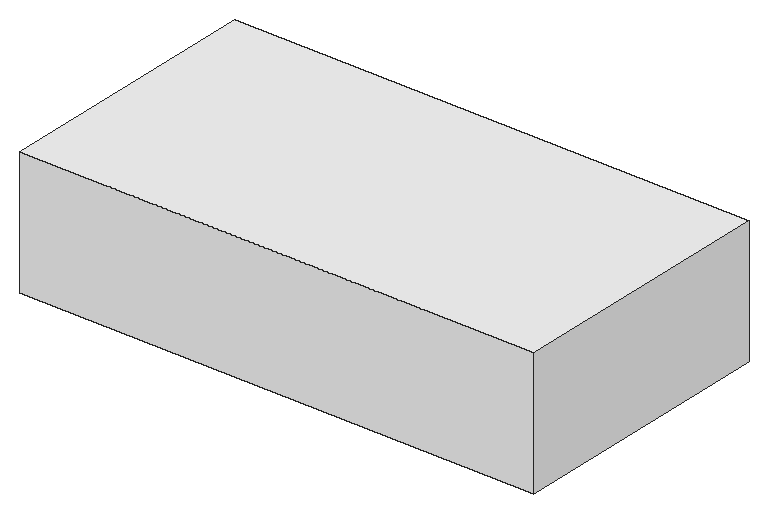
Revit family "T93026 Alu-K ER-AP LED_Tak", category Lighting Fixtures, Revit 2016
Family settings
  Part Type = Normal
  Round Connector Dimension = Use Diameter
  OmniClass Number = 23.80.70.11.21
  OmniClass Title = Emergency Lighting
  Work Plane-Based = No
  Always vertical = Yes
  Cut with Voids When Loaded = No
  Light Source = No
  Shared = No
  Room Calculation Point = No
Parameters (values of type "MarkeringsLys (Venstre)")
  Width = 10 mm
  Wattage Comments = "17 W"
  Voltage = 230 V
  URL = ""
  Type Comments = "-UN"
  Symbol Positive Direction [instance] = yes
  Symbol Offset Side [instance] = 0 mm
  Symbol Offset Out [instance] = 0 mm
  Reference Line Out [instance] = 50 mm
  NS8360 = "4431_WT2"
  Markeringslys normal = yes
  Markeringslys ikke normal = no
  MarkeringsLys Venstre = yes
  MarkeringsLys Opp = no
  MarkeringsLys Ned = no
  MarkeringsLys 45 Opp mot venstre = no
  MarkeringsLys Høyre = no
  MarkeringsLys 45 Opp mot høyre = no
  MarkeringsLys 45 Ned mot venstre = no
  MarkeringsLys 45 Ned mot høyre = no
  ML = yes
  Length 1 = Length - 20 mm  # 305 mm
  LedeLys = no
  Keynote = "WT2"
  Height 1 = Height - 20 mm  # 150 mm
  Height = 170 mm  # constant formula
  Length = 325 mm  # constant formula
  Number of Poles = 1
  Load Classification [instance] = Other
  Model = ""
  Manufacturer = "Honeywell"
  Lamp = "1"
  Description = ""
  Depth = 80 mm  # constant formula
  Body Material and Colour = White
  Assembly Code = "4431"
  Apparent Load = 17 VA
Types (9, lengths in mm): name | NS8360 | Markeringslys normal | Markeringslys ikke normal | MarkeringsLys Venstre | MarkeringsLys Opp | MarkeringsLys Ned | MarkeringsLys 45 Opp mot venstre | MarkeringsLys Høyre | MarkeringsLys 45 Opp mot høyre | MarkeringsLys 45 Ned mot venstre | MarkeringsLys 45 Ned mot høyre | ML | LedeLys | Assembly Code
  MarkeringsLys (Høyre) | "4431_WT2" | no | yes | no | no | no | no | yes | no | no | no | yes | no | "4431"
  MarkeringsLys (Venstre) | "4431_WT2" | yes | no | yes | no | no | no | no | no | no | no | yes | no | "4431"
  MarkeringsLys (45 Ned mot høyre) | "4431_WT2" | yes | no | no | no | no | no | no | no | no | yes | yes | no | "4431"
  MarkeringsLys (45 Ned mot venstre) | "4431_WT2" | no | yes | no | no | no | no | no | no | yes | no | yes | no | "4431"
  MarkeringsLys (45 Opp mot høyre) | "4431_WT2" | yes | no | no | no | no | no | no | yes | no | no | yes | no | "4431"
  MarkeringsLys (45 Opp mot venstre) | "4431_WT2" | no | yes | no | no | no | yes | no | no | no | no | yes | no | "4431"
  MarkeringsLys (Opp) | "4431_WT2" | yes | no | no | yes | no | no | no | no | no | no | yes | no | "4431"
  MarkeringsLys (Ned) | "4431_WT2" | yes | no | no | no | yes | no | no | no | no | no | yes | no | "4431"
  Ledelys | "4432_WT2" | yes | no | no | no | no | no | no | no | no | no | no | yes | "4432"
Reference planes
  plane 1 "Light Source Axis (F/B)": y = 119.961
  plane 2 "Top": z = 83
  plane 3 "Light Source Axis (L/R)": x = 0
  plane 4 "Level": z = 0
  plane 5: x = -152.5
  plane 6: x = 152.5
  plane 7: y = 34.961
  plane 8: x = -162.5
  plane 9: y = 204.961
  plane 10: x = 162.5
  plane 11: z = -78
  plane 12: z = -80
  plane 13: y = 194.961
  plane 14: y = 44.961
Forms (mm)
  Extrusion 1, solid, material "White" <- "Body Material and Colour"
    sketch origin (0, 0, 0) x (1, 0, 0) y (0, 1, 0)
      loop
        line (-162.5, 204.961) -> (-162.5, 34.961) -> (162.5, 34.961) -> (162.5, 204.961) -> (-162.5, 204.961)
    from -78 to 0
  Extrusion 2, solid, material "White" <- "Body Material and Colour"
    sketch origin (0, 0, 0) x (1, 0, 0) y (0, 1, 0)
      loop
        line (-162.5, 204.961) -> (-162.5, 34.961) -> (162.5, 34.961) -> (162.5, 204.961) -> (-162.5, 204.961)
      loop
        line (152.5, 194.961) -> (-152.5, 194.961) -> (-152.5, 44.961) -> (152.5, 44.961) -> (152.5, 194.961)
    from -80 to -78
Cuts and joins
  joined: Extrusion 1, Extrusion 2
Lines and regions (mm)
  model lines, style "InvisibleLines"
    curve 1: line (0, 119.961, 0) -> (0, 169.961, 0)
Dimensions and locks
  equal spacing: plane 5, plane 3 "Light Source Axis (L/R)", plane 6
  "Length 1": plane 5 to plane 6
  "Reference Line Out": plane 1 "Light Source Axis (F/B)" to curve 1
  equal spacing: plane 8, plane 3 "Light Source Axis (L/R)", plane 10
  "Length": plane 8 to plane 10
  equal spacing: plane 9, plane 1 "Light Source Axis (F/B)", plane 7
  "Height": plane 9 to plane 7
  "Depth": plane 4 "Level" to plane 12
  locked: plane 11 to plane 12 at 2
  equal spacing: plane 13, plane 1 "Light Source Axis (F/B)", plane 14
  "Height 1": plane 13 to plane 14
  aligned and locked: plane 4 "Level" to level
  aligned and locked: plane 3 "Light Source Axis (L/R)" to nested 1
  aligned and locked: plane 1 "Light Source Axis (F/B)" to nested 1
  aligned and locked: plane 1 "Light Source Axis (F/B)" to curve 1
  aligned and locked: plane 3 "Light Source Axis (L/R)" to curve 1
  aligned and locked: Extrusion 1 sketch curve to plane 9
  aligned and locked: plane 8 to Extrusion 1 sketch curve
  aligned and locked: plane 7 to Extrusion 1 sketch curve
  aligned and locked: Extrusion 1 sketch curve to plane 10
  aligned and locked: Extrusion 1 to plane 11
  aligned and locked: Extrusion 1 to plane 4 "Level"
  aligned and locked: Extrusion 2 sketch curve to plane 9
  aligned and locked: Extrusion 2 sketch curve to plane 8
  aligned and locked: Extrusion 2 sketch curve to plane 10
  aligned and locked: Extrusion 2 sketch curve to plane 7
  aligned and locked: plane 11 to Extrusion 2
  aligned and locked: Extrusion 2 to plane 12
  aligned and locked: plane 11 to nested 2
  aligned and locked: plane 11 to nested 3
  aligned and locked: plane 11 to nested 4
  aligned and locked: plane 11 to nested 5
  aligned and locked: plane 11 to nested 6
  aligned and locked: plane 11 to nested 7
  aligned and locked: nested 6 to plane 1 "Light Source Axis (F/B)"
  aligned and locked: nested 6 to plane 3 "Light Source Axis (L/R)"
  aligned and locked: nested 7 to plane 1 "Light Source Axis (F/B)"
  aligned and locked: nested 7 to plane 3 "Light Source Axis (L/R)"
  aligned and locked: nested 5 to plane 1 "Light Source Axis (F/B)"
  aligned and locked: nested 5 to plane 3 "Light Source Axis (L/R)"
  aligned and locked: nested 3 to plane 1 "Light Source Axis (F/B)"
  aligned and locked: nested 3 to plane 3 "Light Source Axis (L/R)"
  aligned and locked: nested 4 to plane 1 "Light Source Axis (F/B)"
  aligned and locked: nested 4 to plane 3 "Light Source Axis (L/R)"
  aligned and locked: nested 2 to plane 1 "Light Source Axis (F/B)"
  aligned and locked: nested 2 to plane 3 "Light Source Axis (L/R)"
  aligned and locked: Extrusion 2 sketch curve to plane 13
  aligned and locked: plane 14 to Extrusion 2 sketch curve
  aligned and locked: nested 8 to plane 12
  aligned and locked: nested 8 to plane 1 "Light Source Axis (F/B)"
  aligned and locked: nested 8 to plane 3 "Light Source Axis (L/R)"
  aligned and locked: nested 9 to plane 12
  aligned and locked: nested 9 to plane 1 "Light Source Axis (F/B)"
  aligned and locked: nested 9 to plane 3 "Light Source Axis (L/R)"
  aligned and locked: plane 3 "Light Source Axis (L/R)" to nested 10
  aligned and locked: plane 1 "Light Source Axis (F/B)" to nested 10
Automatic sketch dimensions
  Extrusion 2 sketch curve to plane 5 = 0 mm
  Extrusion 2 sketch curve to plane 6 = 0 mm
Nested families
  nested 1: "LedelysS" at (0, 119.961, 0), visible <- "LedeLys", type "Type 1"
  nested 2: "Formula 65_høyre tak" at (0, 119.961, -78) x (-1, 0, 0) z (0, 0, 1), visible <- "MarkeringsLys Venstre", type "Formula 65"
  nested 3: "Formula 65_ned tak" at (0, 119.961, -78) x (-1, 0, 0) z (0, 0, 1), visible <- "MarkeringsLys Ned", type "Formula 65"
  nested 4: "Formula 65_opp tak" at (0, 119.961, -78) x (-1, 0, 0) z (0, 0, 1), visible <- "MarkeringsLys Opp", type "Formula 65"
  nested 5: "Formula 65_skrått 45 grader opp mot høyre tak" at (0, 119.961, -78) x (-1, 0, 0) z (0, 0, 1), visible <- "MarkeringsLys 45 Opp mot venstre", type "Formula 65"
  nested 6: "Formula 65_skrått 45 grader ned mot høyre tak" at (0, 119.961, -78) x (-1, 0, 0) z (0, 0, 1), visible <- "MarkeringsLys 45 Ned mot venstre", type "Formula 65"
  nested 7: "Formula 65_skrått 45 grader opp mot venstre tak" at (0, 119.961, -78) x (-1, 0, 0) z (0, 0, 1), visible <- "MarkeringsLys 45 Opp mot høyre", type "Formula 65"
  nested 8: "Formula 65_venstre tak" at (0, 119.961, -78) x (-1, 0, 0) z (0, 0, 1), visible <- "MarkeringsLys Høyre", type "Formula 65"
  nested 9: "Formula 65_skrått 45 grader ned mot venstre tak" at (0, 119.961, -78) x (-1, 0, 0) z (0, 0, 1), visible <- "MarkeringsLys 45 Ned mot høyre", type "Formula 65"
  nested 10: "MarkeringslysEnkelTakS" at (0, 119.961, 0), visible <- "ML", type "Type 1"
Connectors
  electrical at (0, 119.961, 0), driven by "Number of Poles", driven by "Load Classification", driven by "Voltage", driven by "Apparent Load"
    settings: on Extrusion 1, index 1, voltage 230 V, apparent load 0 VA, apparent load phase1 17 VA, apparent load phase2 0 VA, apparent load phase3 0 VA, power factor 1, load classification "Other", number of poles 1, system type 31, power factor state 1, is connector primary yes, connector utility no, sub classification motor no, connector description ""
Definition of nested family "Formula 65_venstre tak"
  Parameters (values of type "Formula 65")
    Venstre = yes
    L = 205 mm
    H = 135 mm
  Reference planes
    plane 1 "Center (Front/Back)": y = 0
    plane 2: z = 0
    plane 3 "Center (Left/Right)": x = 0
    plane 4: z = -18.775
  Forms (mm)
    Extrusion 1, solid, visible <- "Venstre"
      sketch origin (-453.48, -246.5, -2) x (0, 1, 0) y (-1, 0, 0)
        loop
          line (321.5, -300.98) -> (171.5, -300.98) -> (171.5, -605.98) -> (321.5, -605.98) -> (321.5, -300.98)
        loop
          line (220.604, -549.888) -> (246.5, -575.784) -> (272.396, -549.888) -> (272.396, -534.35) -> (254.269, -552.477) -> (254.269, -475.784) -> (238.731, -475.784) -> (238.731, -552.477) -> (220.604, -534.35) -> (220.604, -549.888)
        loop
          circle (291.37, -412.087) r 8.367
        loop
          line (276.653, -405.234) -> (282.281, -398.528) -> (274.454, -358.336) -> (258.942, -348.262)
          arc (258.942, -348.262) -> (257.198, -347.939) -> (255.736, -348.943) r 2.318
          line (255.736, -348.943) -> (253.998, -351.62)
          arc (253.998, -351.62) -> (253.688, -353.423) -> (254.783, -354.889) r 2.318
          line (254.783, -354.889) -> (267.323, -362.129) -> (271.237, -382.229) -> (237.542, -362.775) -> (237.542, -342.732)
          arc (237.542, -342.732) -> (236.411, -340.001) -> (233.68, -338.869) r 3.863
          line (233.68, -338.869) -> (229.817, -338.869)
          arc (229.817, -338.869) -> (227.086, -340.001) -> (225.955, -342.732) r 3.863
          line (225.955, -342.732) -> (225.955, -382.846) -> (236.644, -389.017) -> (230.107, -396.807) -> (198.633, -396.807)
          arc (198.633, -396.807) -> (195.901, -397.939) -> (194.77, -400.67) r 3.863
          line (194.77, -400.67) -> (194.77, -404.532)
          arc (194.77, -404.532) -> (195.901, -407.264) -> (198.633, -408.395) r 3.863
          line (198.633, -408.395) -> (235.51, -408.395) -> (246.833, -394.9) -> (257.023, -400.783) -> (246.243, -413.631)
          arc (246.243, -413.631) -> (245.709, -415.323) -> (246.528, -416.896) r 2.318
          line (246.528, -416.896) -> (248.895, -418.882)
          arc (248.895, -418.882) -> (250.587, -419.416) -> (252.16, -418.597) r 2.318
          line (252.16, -418.597) -> (263.817, -404.705) -> (272.29, -409.597) -> (276.653, -405.234)
      from 0 to 2
  Dimensions and locks
    Extrusion 1 to Extrusion 1 = 150 mm
    aligned and locked: level to plane 2
Definition of nested family "LedelysS"
  Parameters
    CQ Symbol Positive Direction = yes
    CQ Symbol Negative Direction = not(CQ Symbol Positive Direction)  # no
    CQ Symbol Offset Side = 0 mm
    CQ Symbol Offset Out = 0 mm
  Reference planes
    plane 1: y = 0
    plane 2: x = 0
  Dimensions and locks
    "CQ Symbol Offset Out": plane 1 to nested 1
    "CQ Symbol Offset Out": plane 1 to nested 2
    "CQ Symbol Offset Side": plane 2 to nested 2
    "CQ Symbol Offset Side": nested 1 to plane 2
  Nested families
    nested 1: "LedelysSub" at (0, 0, 0), visible <- "CQ Symbol Negative Direction", type "Type 1"
    nested 2: "LedelysSub" at (0, 0, 0), visible <- "CQ Symbol Positive Direction", type "Type 1"
  Definition of nested family "LedelysSub"
    Reference planes
      plane 1: y = 0
      plane 2: x = 0
    Lines and regions (mm)
      detail lines
        curve 1: line (-4, -2, 0) -> (4, -2, 0)
        curve 2: line (4, -2, 0) -> (4, 2, 0)
        curve 3: line (4, 2, 0) -> (-4, 2, 0)
        curve 4: line (-4, 2, 0) -> (-4, -2, 0)
        curve 5: line (-3.097, -1.25, 0) -> (-0.597, 1.25, 0)
        curve 6: line (-3.097, 1.25, 0) -> (-0.597, -1.25, 0)
        curve 7: circle (-1.847, 0, 0) r 1.2 normal (0, 0, 1)
    Text (mm)
      text "LL" at (2.179, 1.025, 0)
Definition of nested family "Formula 65_høyre tak"
  Parameters (values of type "Formula 65")
    L = 205 mm
    Høyre = yes
    H = 135 mm
  Reference planes
    plane 1 "Center (Front/Back)": y = 0
    plane 2: z = 0
    plane 3 "Center (Left/Right)": x = 0
    plane 4: z = -18.775
  Forms (mm)
    Extrusion 1, solid, visible <- "Høyre"
      sketch origin (-453.48, -246.5, -2) x (0, 1, 0) y (-1, 0, 0)
        loop
          line (321.5, -300.98) -> (171.5, -300.98) -> (171.5, -605.98) -> (321.5, -605.98) -> (321.5, -300.98)
        loop
          line (220.604, -357.071) -> (220.604, -372.609) -> (238.731, -354.482) -> (238.731, -431.175) -> (254.269, -431.175) -> (254.269, -354.482) -> (272.396, -372.609) -> (272.396, -357.071) -> (246.5, -331.175) -> (220.604, -357.071)
        loop
          circle (291.37, -494.872) r 8.367
        loop
          line (276.653, -501.725) -> (272.29, -497.362) -> (263.817, -502.254) -> (252.16, -488.362)
          arc (252.16, -488.362) -> (250.587, -487.543) -> (248.895, -488.077) r 2.318
          line (248.895, -488.077) -> (246.528, -490.063)
          arc (246.528, -490.063) -> (245.709, -491.636) -> (246.243, -493.328) r 2.318
          line (246.243, -493.328) -> (257.023, -506.176) -> (246.833, -512.059) -> (235.51, -498.564) -> (198.633, -498.564)
          arc (198.633, -498.564) -> (195.901, -499.696) -> (194.77, -502.427) r 3.863
          line (194.77, -502.427) -> (194.77, -506.289)
          arc (194.77, -506.289) -> (195.901, -509.021) -> (198.633, -510.152) r 3.863
          line (198.633, -510.152) -> (230.107, -510.152) -> (236.644, -517.942) -> (225.955, -524.113) -> (225.955, -564.227)
          arc (225.955, -564.227) -> (227.086, -566.958) -> (229.817, -568.09) r 3.863
          line (229.817, -568.09) -> (233.68, -568.09)
          arc (233.68, -568.09) -> (236.411, -566.958) -> (237.542, -564.227) r 3.863
          line (237.542, -564.227) -> (237.542, -544.184) -> (271.237, -524.73) -> (267.323, -544.83) -> (254.783, -552.07)
          arc (254.783, -552.07) -> (253.688, -553.536) -> (253.998, -555.339) r 2.318
          line (253.998, -555.339) -> (255.736, -558.016)
          arc (255.736, -558.016) -> (257.198, -559.02) -> (258.942, -558.697) r 2.318
          line (258.942, -558.697) -> (274.454, -548.623) -> (282.281, -508.431) -> (276.653, -501.725)
      from 0 to 2
  Dimensions and locks
    Extrusion 1 to Extrusion 1 = 150 mm
    aligned and locked: level to plane 2
Definition of nested family "Formula 65_ned tak"
  Parameters (values of type "Formula 65")
    Ned = yes
    L = 205 mm
    H = 135 mm
  Reference planes
    plane 1 "Center (Front/Back)": y = 0
    plane 2: z = 0
    plane 3 "Center (Left/Right)": x = 0
    plane 4: z = -18.775
  Forms (mm)
    Extrusion 1, solid, visible <- "Ned"
      sketch origin (-453.48, -246.5, -2) x (0, 1, 0) y (-1, 0, 0)
        loop
          line (321.5, -300.98) -> (171.5, -300.98) -> (171.5, -605.98) -> (321.5, -605.98) -> (321.5, -300.98)
        loop
          line (222.396, -507.583) -> (196.5, -533.48) -> (222.396, -559.376) -> (237.934, -559.376) -> (219.807, -541.248) -> (296.5, -541.248) -> (296.5, -525.711) -> (219.807, -525.711) -> (237.934, -507.583) -> (222.396, -507.583)
        loop
          circle (291.37, -412.087) r 8.367
        loop
          line (276.653, -405.234) -> (282.281, -398.528) -> (274.454, -358.336) -> (258.942, -348.262)
          arc (258.942, -348.262) -> (257.198, -347.939) -> (255.736, -348.943) r 2.318
          line (255.736, -348.943) -> (253.998, -351.62)
          arc (253.998, -351.62) -> (253.688, -353.423) -> (254.783, -354.889) r 2.318
          line (254.783, -354.889) -> (267.323, -362.129) -> (271.237, -382.229) -> (237.542, -362.775) -> (237.542, -342.732)
          arc (237.542, -342.732) -> (236.411, -340.001) -> (233.68, -338.869) r 3.863
          line (233.68, -338.869) -> (229.817, -338.869)
          arc (229.817, -338.869) -> (227.086, -340.001) -> (225.955, -342.732) r 3.863
          line (225.955, -342.732) -> (225.955, -382.846) -> (236.644, -389.017) -> (230.107, -396.807) -> (198.633, -396.807)
          arc (198.633, -396.807) -> (195.901, -397.939) -> (194.77, -400.67) r 3.863
          line (194.77, -400.67) -> (194.77, -404.532)
          arc (194.77, -404.532) -> (195.901, -407.264) -> (198.633, -408.395) r 3.863
          line (198.633, -408.395) -> (235.51, -408.395) -> (246.833, -394.9) -> (257.023, -400.783) -> (246.243, -413.631)
          arc (246.243, -413.631) -> (245.709, -415.323) -> (246.528, -416.896) r 2.318
          line (246.528, -416.896) -> (248.895, -418.882)
          arc (248.895, -418.882) -> (250.587, -419.416) -> (252.16, -418.597) r 2.318
          line (252.16, -418.597) -> (263.817, -404.705) -> (272.29, -409.597) -> (276.653, -405.234)
      from 0 to 2
  Dimensions and locks
    Extrusion 1 to Extrusion 1 = 150 mm
    aligned and locked: level to plane 2
Definition of nested family "Formula 65_opp tak"
  Parameters (values of type "Formula 65")
    Opp = yes
    L = 205 mm
    H = 135 mm
  Reference planes
    plane 1 "Center (Front/Back)": y = 0
    plane 2: z = 0
    plane 3 "Center (Left/Right)": x = 0
    plane 4: z = -18.775
  Forms (mm)
    Extrusion 1, solid, visible <- "Opp"
      sketch origin (-453.48, -246.5, -2) x (0, 1, 0) y (-1, 0, 0)
        loop
          line (321.5, -300.98) -> (171.5, -300.98) -> (171.5, -605.98) -> (321.5, -605.98) -> (321.5, -300.98)
        loop
          circle (291.37, -412.087) r 8.367
        loop
          line (276.653, -405.234) -> (282.281, -398.528) -> (274.454, -358.336) -> (258.942, -348.262)
          arc (258.942, -348.262) -> (257.198, -347.939) -> (255.736, -348.943) r 2.318
          line (255.736, -348.943) -> (253.998, -351.62)
          arc (253.998, -351.62) -> (253.688, -353.423) -> (254.783, -354.889) r 2.318
          line (254.783, -354.889) -> (267.323, -362.129) -> (271.237, -382.229) -> (237.542, -362.775) -> (237.542, -342.732)
          arc (237.542, -342.732) -> (236.411, -340.001) -> (233.68, -338.869) r 3.863
          line (233.68, -338.869) -> (229.817, -338.869)
          arc (229.817, -338.869) -> (227.086, -340.001) -> (225.955, -342.732) r 3.863
          line (225.955, -342.732) -> (225.955, -382.846) -> (236.644, -389.017) -> (230.107, -396.807) -> (198.633, -396.807)
          arc (198.633, -396.807) -> (195.901, -397.939) -> (194.77, -400.67) r 3.863
          line (194.77, -400.67) -> (194.77, -404.532)
          arc (194.77, -404.532) -> (195.901, -407.264) -> (198.633, -408.395) r 3.863
          line (198.633, -408.395) -> (235.51, -408.395) -> (246.833, -394.9) -> (257.023, -400.783) -> (246.243, -413.631)
          arc (246.243, -413.631) -> (245.709, -415.323) -> (246.528, -416.896) r 2.318
          line (246.528, -416.896) -> (248.895, -418.882)
          arc (248.895, -418.882) -> (250.587, -419.416) -> (252.16, -418.597) r 2.318
          line (252.16, -418.597) -> (263.817, -404.705) -> (272.29, -409.597) -> (276.653, -405.234)
        loop
          line (270.604, -507.583) -> (255.066, -507.583) -> (273.193, -525.711) -> (196.5, -525.711) -> (196.5, -541.248) -> (273.193, -541.248) -> (255.066, -559.376) -> (270.604, -559.376) -> (296.5, -533.48) -> (270.604, -507.583)
      from 0 to 2
  Dimensions and locks
    Extrusion 1 to Extrusion 1 = 150 mm
    aligned and locked: level to plane 2
Definition of nested family "Formula 65_skrått 45 grader opp mot høyre tak"
  Parameters (values of type "Formula 65")
    L = 205 mm
    H = 135 mm
    45 opp mot høyre = yes
  Reference planes
    plane 1 "Center (Front/Back)": y = 0
    plane 2: z = 0
    plane 3 "Center (Left/Right)": x = 0
    plane 4: z = -18.775
  Forms (mm)
    Extrusion 1, solid, visible <- "45 opp mot høyre"
      sketch origin (-453.48, -246.5, -2) x (0, 1, 0) y (-1, 0, 0)
        loop
          line (321.5, -300.98) -> (171.5, -300.98) -> (171.5, -605.98) -> (321.5, -605.98) -> (321.5, -300.98)
        loop
          line (245.232, -333.32) -> (234.245, -344.307) -> (259.882, -344.307) -> (205.651, -398.537) -> (216.638, -409.524) -> (270.868, -355.294) -> (270.868, -380.93) -> (281.855, -369.943) -> (281.855, -333.32) -> (245.232, -333.32)
        loop
          circle (291.37, -494.872) r 8.367
        loop
          line (276.653, -501.725) -> (272.29, -497.362) -> (263.817, -502.254) -> (252.16, -488.362)
          arc (252.16, -488.362) -> (250.587, -487.543) -> (248.895, -488.077) r 2.318
          line (248.895, -488.077) -> (246.528, -490.063)
          arc (246.528, -490.063) -> (245.709, -491.636) -> (246.243, -493.328) r 2.318
          line (246.243, -493.328) -> (257.023, -506.176) -> (246.833, -512.059) -> (235.51, -498.564) -> (198.633, -498.564)
          arc (198.633, -498.564) -> (195.901, -499.696) -> (194.77, -502.427) r 3.863
          line (194.77, -502.427) -> (194.77, -506.289)
          arc (194.77, -506.289) -> (195.901, -509.021) -> (198.633, -510.152) r 3.863
          line (198.633, -510.152) -> (230.107, -510.152) -> (236.644, -517.942) -> (225.955, -524.113) -> (225.955, -564.227)
          arc (225.955, -564.227) -> (227.086, -566.958) -> (229.817, -568.09) r 3.863
          line (229.817, -568.09) -> (233.68, -568.09)
          arc (233.68, -568.09) -> (236.411, -566.958) -> (237.542, -564.227) r 3.863
          line (237.542, -564.227) -> (237.542, -544.184) -> (271.237, -524.73) -> (267.323, -544.83) -> (254.783, -552.07)
          arc (254.783, -552.07) -> (253.688, -553.536) -> (253.998, -555.339) r 2.318
          line (253.998, -555.339) -> (255.736, -558.016)
          arc (255.736, -558.016) -> (257.198, -559.02) -> (258.942, -558.697) r 2.318
          line (258.942, -558.697) -> (274.454, -548.623) -> (282.281, -508.431) -> (276.653, -501.725)
      from 0 to 2
  Dimensions and locks
    Extrusion 1 to Extrusion 1 = 150 mm
    aligned and locked: level to plane 2
Definition of nested family "Formula 65_skrått 45 grader ned mot høyre tak"
  Parameters (values of type "Formula 65")
    L = 205 mm
    H = 135 mm
    45 ned mot høyre = yes
  Reference planes
    plane 1 "Center (Front/Back)": y = 0
    plane 2: z = 0
    plane 3 "Center (Left/Right)": x = 0
    plane 4: z = -18.775
  Forms (mm)
    Extrusion 1, solid, visible <- "45 ned mot høyre"
      sketch origin (-453.48, -246.5, -2) x (0, 1, 0) y (-1, 0, 0)
        loop
          line (321.5, -300.98) -> (171.5, -300.98) -> (171.5, -605.98) -> (321.5, -605.98) -> (321.5, -300.98)
        loop
          circle (291.37, -494.872) r 8.367
        loop
          line (276.653, -501.725) -> (272.29, -497.362) -> (263.817, -502.254) -> (252.16, -488.362)
          arc (252.16, -488.362) -> (250.587, -487.543) -> (248.895, -488.077) r 2.318
          line (248.895, -488.077) -> (246.528, -490.063)
          arc (246.528, -490.063) -> (245.709, -491.636) -> (246.243, -493.328) r 2.318
          line (246.243, -493.328) -> (257.023, -506.176) -> (246.833, -512.059) -> (235.51, -498.564) -> (198.633, -498.564)
          arc (198.633, -498.564) -> (195.901, -499.696) -> (194.77, -502.427) r 3.863
          line (194.77, -502.427) -> (194.77, -506.289)
          arc (194.77, -506.289) -> (195.901, -509.021) -> (198.633, -510.152) r 3.863
          line (198.633, -510.152) -> (230.107, -510.152) -> (236.644, -517.942) -> (225.955, -524.113) -> (225.955, -564.227)
          arc (225.955, -564.227) -> (227.086, -566.958) -> (229.817, -568.09) r 3.863
          line (229.817, -568.09) -> (233.68, -568.09)
          arc (233.68, -568.09) -> (236.411, -566.958) -> (237.542, -564.227) r 3.863
          line (237.542, -564.227) -> (237.542, -544.184) -> (271.237, -524.73) -> (267.323, -544.83) -> (254.783, -552.07)
          arc (254.783, -552.07) -> (253.688, -553.536) -> (253.998, -555.339) r 2.318
          line (253.998, -555.339) -> (255.736, -558.016)
          arc (255.736, -558.016) -> (257.198, -559.02) -> (258.942, -558.697) r 2.318
          line (258.942, -558.697) -> (274.454, -548.623) -> (282.281, -508.431) -> (276.653, -501.725)
        loop
          line (247.768, -333.32) -> (211.145, -333.32) -> (211.145, -369.943) -> (222.132, -380.93) -> (222.132, -355.294) -> (276.362, -409.524) -> (287.349, -398.537) -> (233.119, -344.307) -> (258.755, -344.307) -> (247.768, -333.32)
      from 0 to 2
  Dimensions and locks
    Extrusion 1 to Extrusion 1 = 150 mm
    aligned and locked: level to plane 2
Definition of nested family "Formula 65_skrått 45 grader opp mot venstre tak"
  Parameters (values of type "Formula 65")
    L = 305 mm
    H = 135 mm
    45 opp mot venstre = yes
  Reference planes
    plane 1 "Center (Front/Back)": y = 0
    plane 2: z = 0
    plane 3 "Center (Left/Right)": x = 0
    plane 4: z = -18.775
  Forms (mm)
    Extrusion 1, solid, visible <- "45 opp mot venstre"
      sketch origin (-453.48, -246.5, -2) x (0, 1, 0) y (-1, 0, 0)
        loop
          line (321.5, -300.98) -> (171.5, -300.98) -> (171.5, -605.98) -> (321.5, -605.98) -> (321.5, -300.98)
        loop
          circle (291.37, -412.087) r 8.367
        loop
          line (276.653, -405.234) -> (282.281, -398.528) -> (274.454, -358.336) -> (258.942, -348.262)
          arc (258.942, -348.262) -> (257.198, -347.939) -> (255.736, -348.943) r 2.318
          line (255.736, -348.943) -> (253.998, -351.62)
          arc (253.998, -351.62) -> (253.688, -353.423) -> (254.783, -354.889) r 2.318
          line (254.783, -354.889) -> (267.323, -362.129) -> (271.237, -382.229) -> (237.542, -362.775) -> (237.542, -342.732)
          arc (237.542, -342.732) -> (236.411, -340.001) -> (233.68, -338.869) r 3.863
          line (233.68, -338.869) -> (229.817, -338.869)
          arc (229.817, -338.869) -> (227.086, -340.001) -> (225.955, -342.732) r 3.863
          line (225.955, -342.732) -> (225.955, -382.846) -> (236.644, -389.017) -> (230.107, -396.807) -> (198.633, -396.807)
          arc (198.633, -396.807) -> (195.901, -397.939) -> (194.77, -400.67) r 3.863
          line (194.77, -400.67) -> (194.77, -404.532)
          arc (194.77, -404.532) -> (195.901, -407.264) -> (198.633, -408.395) r 3.863
          line (198.633, -408.395) -> (235.51, -408.395) -> (246.833, -394.9) -> (257.023, -400.783) -> (246.243, -413.631)
          arc (246.243, -413.631) -> (245.709, -415.323) -> (246.528, -416.896) r 2.318
          line (246.528, -416.896) -> (248.895, -418.882)
          arc (248.895, -418.882) -> (250.587, -419.416) -> (252.16, -418.597) r 2.318
          line (252.16, -418.597) -> (263.817, -404.705) -> (272.29, -409.597) -> (276.653, -405.234)
        loop
          line (245.232, -573.639) -> (281.855, -573.639) -> (281.855, -537.016) -> (270.868, -526.029) -> (270.868, -551.666) -> (216.638, -497.435) -> (205.651, -508.422) -> (259.882, -562.652) -> (234.245, -562.652) -> (245.232, -573.639)
      from 0 to 2
  Dimensions and locks
    Extrusion 1 to Extrusion 1 = 150 mm
    aligned and locked: level to plane 2
Definition of nested family "Formula 65_skrått 45 grader ned mot venstre tak"
  Parameters (values of type "Formula 65")
    L = 205 mm
    H = 135 mm
    45 ned mot venstre = yes
  Reference planes
    plane 1 "Center (Front/Back)": y = 0
    plane 2: z = 0
    plane 3 "Center (Left/Right)": x = 0
    plane 4: z = -18.775
  Forms (mm)
    Extrusion 1, solid, visible <- "45 ned mot venstre"
      sketch origin (-453.48, -246.5, -2) x (0, 1, 0) y (-1, 0, 0)
        loop
          line (321.5, -300.98) -> (171.5, -300.98) -> (171.5, -605.98) -> (321.5, -605.98) -> (321.5, -300.98)
        loop
          circle (291.37, -412.087) r 8.367
        loop
          line (276.653, -405.234) -> (282.281, -398.528) -> (274.454, -358.336) -> (258.942, -348.262)
          arc (258.942, -348.262) -> (257.198, -347.939) -> (255.736, -348.943) r 2.318
          line (255.736, -348.943) -> (253.998, -351.62)
          arc (253.998, -351.62) -> (253.688, -353.423) -> (254.783, -354.889) r 2.318
          line (254.783, -354.889) -> (267.323, -362.129) -> (271.237, -382.229) -> (237.542, -362.775) -> (237.542, -342.732)
          arc (237.542, -342.732) -> (236.411, -340.001) -> (233.68, -338.869) r 3.863
          line (233.68, -338.869) -> (229.817, -338.869)
          arc (229.817, -338.869) -> (227.086, -340.001) -> (225.955, -342.732) r 3.863
          line (225.955, -342.732) -> (225.955, -382.846) -> (236.644, -389.017) -> (230.107, -396.807) -> (198.633, -396.807)
          arc (198.633, -396.807) -> (195.901, -397.939) -> (194.77, -400.67) r 3.863
          line (194.77, -400.67) -> (194.77, -404.532)
          arc (194.77, -404.532) -> (195.901, -407.264) -> (198.633, -408.395) r 3.863
          line (198.633, -408.395) -> (235.51, -408.395) -> (246.833, -394.9) -> (257.023, -400.783) -> (246.243, -413.631)
          arc (246.243, -413.631) -> (245.709, -415.323) -> (246.528, -416.896) r 2.318
          line (246.528, -416.896) -> (248.895, -418.882)
          arc (248.895, -418.882) -> (250.587, -419.416) -> (252.16, -418.597) r 2.318
          line (252.16, -418.597) -> (263.817, -404.705) -> (272.29, -409.597) -> (276.653, -405.234)
        loop
          line (247.768, -573.639) -> (258.755, -562.652) -> (233.119, -562.652) -> (287.349, -508.422) -> (276.362, -497.435) -> (222.132, -551.666) -> (222.132, -526.029) -> (211.145, -537.016) -> (211.145, -573.639) -> (247.768, -573.639)
      from 0 to 2
  Dimensions and locks
    Extrusion 1 to Extrusion 1 = 150 mm
    aligned and locked: level to plane 2
Definition of nested family "MarkeringslysEnkelTakS"
  Parameters (values of type "Type 1")
    Venstre opp 45 = no
    Venstre ned 45 = no
    Venstre = yes
    Opp = no
    Normal = no
    Ned = no
    Ikke normal = yes
    Høyre opp 45 = no
    Høyre ned 45 = no
    Høyre = no
    CQ Symbol Positive Direction = yes
    CQ Symbol Negative Direction = not(CQ Symbol Positive Direction)  # no
    CQ Symbol Offset Side = 0 mm
    CQ Symbol Offset Out = 0 mm
  Reference planes
    plane 1: y = 0
    plane 2: x = 0
  Dimensions and locks
    "CQ Symbol Offset Out": plane 1 to nested 1
    "CQ Symbol Offset Out": plane 1 to nested 2
    "CQ Symbol Offset Side": plane 2 to nested 2
    "CQ Symbol Offset Side": nested 1 to plane 2
  Nested families
    nested 1: "Markeringslys enkel tak" at (0, 0, 0), visible <- "CQ Symbol Negative Direction", type "Type 1"
    nested 2: "Markeringslys enkel tak" at (0, 0, 0), visible <- "CQ Symbol Positive Direction", type "Type 1"
  Definition of nested family "Markeringslys enkel tak"
    Parameters (values of type "Type 1")
      Venstre opp 45 = no
      Venstre ned 45 = no
      Venstre = yes
      Opp = no
      Normal = no
      Ned = no
      Ikke normal = yes
      Høyre opp 45 = no
      Høyre ned 45 = no
      Høyre = no
    Reference planes
      plane 1: y = 0
      plane 2: x = 0
    Lines and regions (mm)
      detail lines
        curve 1: line (-4, -2, 0) -> (4, -2, 0)
        curve 2: line (-4, 2, 0) -> (4, 2, 0)
        curve 3: line (4, 2, 0) -> (4, -2, 0)
        curve 4: line (4, -2, 0) -> (-4, -2, 0)
        curve 5: line (-4, -2, 0) -> (-4, 2, 0)
      detail lines, visible <- "Ned"
        curve 6: line (-2.346, -1.5, 0) -> (-1.646, -1.5, 0)
        curve 7: line (-2.346, -1.5, 0) -> (-2.346, 0.584, 0)
        curve 8: line (-1.646, -1.5, 0) -> (-1.646, 0.584, 0)
        curve 9: line (-1.996, 1.5, 0) -> (-2.996, 0.5, 0)
        curve 10: line (-2.996, 0.5, 0) -> (-2.996, -0.066, 0)
        curve 11: line (-2.996, -0.066, 0) -> (-2.346, 0.584, 0)
        curve 12: line (-1.996, 1.5, 0) -> (-0.996, 0.5, 0)
        curve 13: line (-0.996, 0.5, 0) -> (-0.996, -0.066, 0)
        curve 14: line (-0.996, -0.066, 0) -> (-1.646, 0.584, 0)
      detail lines, visible <- "Normal"
        curve 15: circle (1.212, -1.386, 0) r 0.3 normal (0, 0, -1)
        curve 16: line (0.986, 1.7, 0) -> (1.395, 1.7, 0)
        curve 17: line (0.986, 1.7, 0) -> (1.823, 0.308, 0)
        curve 18: line (1.823, 0.308, 0) -> (1.461, -0.505, 0)
        curve 19: line (1.069, 0.147, 0) -> (1.461, -0.505, 0)
        curve 20: line (1.069, 0.147, 0) -> (0.487, 0.147, 0)
        curve 21: line (0.487, 0.147, 0) -> (0.487, -0.153, 0)
        curve 22: line (0.487, -0.153, 0) -> (0.899, -0.153, 0)
        curve 23: line (0.899, -0.153, 0) -> (1.307, -0.831, 0)
        curve 24: line (1.395, 1.7, 0) -> (2.104, 0.518, 0)
        curve 25: line (1.307, -0.831, 0) -> (1.753, -1.03, 0)
        curve 26: line (1.753, -1.03, 0) -> (2.625, -1.03, 0)
        curve 27: line (2.625, -1.03, 0) -> (2.99, -0.373, 0)
        curve 28: line (2.99, -0.373, 0) -> (2.769, -0.152, 0)
        curve 29: line (2.769, -0.152, 0) -> (2.457, -0.715, 0)
        curve 30: line (2.104, 0.518, 0) -> (2.259, 1.229, 0)
        curve 31: line (2.259, 1.229, 0) -> (3.557, 1.229, 0)
        curve 32: line (3.557, 1.229, 0) -> (3.457, 0.879, 0)
        curve 33: line (3.457, 0.879, 0) -> (2.541, 0.879, 0)
        curve 34: line (2.541, 0.879, 0) -> (2.4, 0.23, 0)
        curve 35: line (2.4, 0.23, 0) -> (2.021, -0.62, 0)
        curve 36: line (2.021, -0.62, 0) -> (2.457, -0.715, 0)
      detail lines, visible <- "Opp"
        curve 37: line (-1.646, 1.5, 0) -> (-2.346, 1.5, 0)
        curve 38: line (-1.646, 1.5, 0) -> (-1.646, -0.584, 0)
        curve 39: line (-2.346, 1.5, 0) -> (-2.346, -0.584, 0)
        curve 40: line (-1.996, -1.5, 0) -> (-0.996, -0.5, 0)
        curve 41: line (-0.996, -0.5, 0) -> (-0.996, 0.066, 0)
        curve 42: line (-0.996, 0.066, 0) -> (-1.646, -0.584, 0)
        curve 43: line (-1.996, -1.5, 0) -> (-2.996, -0.5, 0)
        curve 44: line (-2.996, -0.5, 0) -> (-2.996, 0.066, 0)
        curve 45: line (-2.996, 0.066, 0) -> (-2.346, -0.584, 0)
      detail lines, visible <- "Høyre"
        curve 46: line (-0.496, -0.35, 0) -> (-0.496, 0.35, 0)
        curve 47: line (-0.496, -0.35, 0) -> (-2.58, -0.35, 0)
        curve 48: line (-0.496, 0.35, 0) -> (-2.58, 0.35, 0)
        curve 49: line (-3.496, 0, 0) -> (-2.466, -1.03, 0)
        curve 50: line (-2.496, -1, 0) -> (-1.93, -1, 0)
        curve 51: line (-1.93, -1, 0) -> (-2.58, -0.35, 0)
        curve 52: line (-3.496, 0, 0) -> (-2.496, 1, 0)
        curve 53: line (-2.496, 1, 0) -> (-1.93, 1, 0)
        curve 54: line (-1.93, 1, 0) -> (-2.58, 0.35, 0)
      detail lines, visible <- "Ikke normal"
        curve 55: circle (-1.299, -1.386, 0) r 0.3 normal (0, 0, 1)
        curve 56: line (-1.073, 1.7, 0) -> (-1.482, 1.7, 0)
        curve 57: line (-1.073, 1.7, 0) -> (-1.91, 0.308, 0)
        curve 58: line (-1.91, 0.308, 0) -> (-1.548, -0.505, 0)
        curve 59: line (-1.156, 0.147, 0) -> (-1.548, -0.505, 0)
        curve 60: line (-1.156, 0.147, 0) -> (-0.574, 0.147, 0)
        curve 61: line (-0.574, 0.147, 0) -> (-0.574, -0.153, 0)
        curve 62: line (-0.574, -0.153, 0) -> (-0.986, -0.153, 0)
        curve 63: line (-0.986, -0.153, 0) -> (-1.394, -0.831, 0)
        curve 64: line (-1.482, 1.7, 0) -> (-2.192, 0.518, 0)
        curve 65: line (-1.394, -0.831, 0) -> (-1.84, -1.03, 0)
        curve 66: line (-1.84, -1.03, 0) -> (-2.713, -1.03, 0)
        curve 67: line (-2.713, -1.03, 0) -> (-3.077, -0.373, 0)
        curve 68: line (-3.077, -0.373, 0) -> (-2.856, -0.152, 0)
        curve 69: line (-2.856, -0.152, 0) -> (-2.544, -0.715, 0)
        curve 70: line (-2.192, 0.518, 0) -> (-2.346, 1.229, 0)
        curve 71: line (-2.346, 1.229, 0) -> (-3.644, 1.229, 0)
        curve 72: line (-3.644, 1.229, 0) -> (-3.544, 0.879, 0)
        curve 73: line (-3.544, 0.879, 0) -> (-2.628, 0.879, 0)
        curve 74: line (-2.628, 0.879, 0) -> (-2.487, 0.23, 0)
        curve 75: line (-2.487, 0.23, 0) -> (-2.108, -0.62, 0)
        curve 76: line (-2.108, -0.62, 0) -> (-2.544, -0.715, 0)
      detail lines, visible <- "Venstre"
        curve 77: line (0.409, -0.35, 0) -> (0.409, 0.35, 0)
        curve 78: line (0.409, -0.35, 0) -> (2.493, -0.35, 0)
        curve 79: line (0.409, 0.35, 0) -> (2.493, 0.35, 0)
        curve 80: line (3.409, 0, 0) -> (2.409, -1, 0)
        curve 81: line (2.409, -1, 0) -> (1.843, -1, 0)
        curve 82: line (1.843, -1, 0) -> (2.493, -0.35, 0)
        curve 83: line (3.409, 0, 0) -> (2.409, 1, 0)
        curve 84: line (2.409, 1, 0) -> (1.843, 1, 0)
        curve 85: line (1.843, 1, 0) -> (2.493, 0.35, 0)
      detail lines, visible <- "Venstre opp 45"
        curve 86: line (0.601, 0.813, 0) -> (1.096, 1.308, 0)
        curve 87: line (0.601, 0.813, 0) -> (2.075, -0.661, 0)
        curve 88: line (1.096, 1.308, 0) -> (2.57, -0.166, 0)
        curve 89: line (2.97, -1.061, 0) -> (1.556, -1.061, 0)
        curve 90: line (1.556, -1.061, 0) -> (1.156, -0.661, 0)
        curve 91: line (1.156, -0.661, 0) -> (2.075, -0.661, 0)
        curve 92: line (2.97, -1.061, 0) -> (2.97, 0.354, 0)
        curve 93: line (2.97, 0.354, 0) -> (2.57, 0.754, 0)
        curve 94: line (2.57, 0.754, 0) -> (2.57, -0.166, 0)
      detail lines, visible <- "Venstre ned 45"
        curve 95: line (1.096, -1.061, 0) -> (0.601, -0.566, 0)
        curve 96: line (1.096, -1.061, 0) -> (2.57, 0.413, 0)
        curve 97: line (0.601, -0.566, 0) -> (2.075, 0.908, 0)
        curve 98: line (2.97, 1.308, 0) -> (2.97, -0.106, 0)
        curve 99: line (2.97, -0.106, 0) -> (2.57, -0.506, 0)
        curve 100: line (2.57, -0.506, 0) -> (2.57, 0.413, 0)
        curve 101: line (2.97, 1.308, 0) -> (1.556, 1.308, 0)
        curve 102: line (1.556, 1.308, 0) -> (1.156, 0.908, 0)
        curve 103: line (1.156, 0.908, 0) -> (2.075, 0.908, 0)
      detail lines, visible <- "Høyre ned 45"
        curve 104: line (-1.18, -1.483, 0) -> (-0.685, -0.988, 0)
        curve 105: line (-1.18, -1.483, 0) -> (-2.654, -0.009, 0)
        curve 106: line (-0.685, -0.988, 0) -> (-2.159, 0.486, 0)
        curve 107: line (-3.054, 0.886, 0) -> (-3.054, -0.528, 0)
        curve 108: line (-3.054, -0.528, 0) -> (-2.654, -0.928, 0)
        curve 109: line (-2.654, -0.928, 0) -> (-2.654, -0.009, 0)
        curve 110: line (-3.054, 0.886, 0) -> (-1.64, 0.886, 0)
        curve 111: line (-1.64, 0.886, 0) -> (-1.24, 0.486, 0)
        curve 112: line (-1.24, 0.486, 0) -> (-2.159, 0.486, 0)
      detail lines, visible <- "Høyre opp 45"
        curve 113: line (-0.685, 0.391, 0) -> (-1.18, 0.886, 0)
        curve 114: line (-0.685, 0.391, 0) -> (-2.159, -1.083, 0)
        curve 115: line (-1.18, 0.886, 0) -> (-2.654, -0.588, 0)
        curve 116: line (-3.054, -1.483, 0) -> (-1.64, -1.483, 0)
        curve 117: line (-1.64, -1.483, 0) -> (-1.24, -1.083, 0)
        curve 118: line (-1.24, -1.083, 0) -> (-2.159, -1.083, 0)
        curve 119: line (-3.054, -1.483, 0) -> (-3.054, -0.068, 0)
        curve 120: line (-3.054, -0.068, 0) -> (-2.654, 0.332, 0)
        curve 121: line (-2.654, 0.332, 0) -> (-2.654, -0.517, 0)
